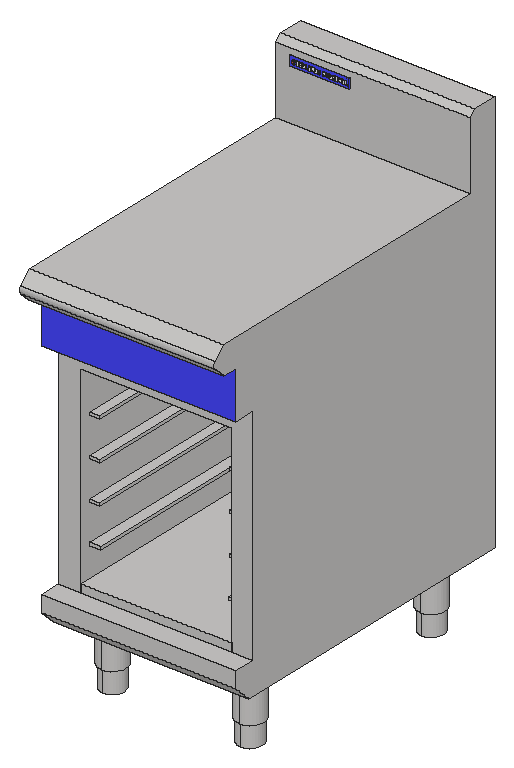
Revit family "QF_MOFFAT_BLUESEAL_CE_B45-CB", category Specialty Equipment, Revit 2012
Parameters
  Weight in Pounds = 114  # constant formula
  Width [instance] = 450.00 mm  # constant formula
  URL Cutsheet = "www.moffat.com"
  URL = "www.moffat.com"
  Type Mark [instance] = ""
  Status [instance] = ""
  Specification by User [instance] = ""
  Specification by Manufacturer = ""
  Show Logo [instance] = yes
  Show Casters [instance] = no
  Serial Number = ""
  Seismic Rating = ""
  SMACNA No = ""
  Revision Code [instance] = ""
  Omniclass Number and Title = ""
  NAFEM Spec ID Number = ""
  Model = "B45-CB"
  Masterspec = ""
  Manufacturer = "MOFFAT BLUESEAL"
  Legs [instance] = not(Show Casters)  # yes
  Item Number [instance] = ""
  Installed By [instance] = ""
  Identify Quantity as Lot [instance] = yes
  Height = 1085.00 mm  # constant formula
  Furnished By [instance] = ""
  Foodservice Equipment Identifier [instance] = yes
  Description = "450MM BENCH TOP ON CABINET BASE"
  Depth [instance] = 812.00 mm  # constant formula
  CSI MasterFormat = ""
  CSI Master Format = ""
  Back Splash [instance] = 57.00 mm  # constant formula
Reference planes
  plane 1 "BACK": y = 0
  plane 2: z = 0
  plane 3 "LEFT": x = 0
  plane 4 "RIGHT": x = 450
  plane 5 "FRONT": y = -812
  plane 6 "TOP": z = 972
  plane 7 "Center Y": x = 225
  plane 8 "Center X": y = -406
  plane 9 "Base Height": z = 150
  plane 10: z = 915
  plane 11: x = 65
  plane 12: x = 384
  plane 13: y = -625
  plane 14: y = -100
  plane 15: z = 1085
Forms (mm)
  Extrusion 1, solid, material "QF_Finishes_Stainless Steel"
    sketch origin (0, 0, 0) x (0, 1, 0) y (0, 0, 1)
      loop
        line (-70, 222.5) -> (-749, 222.5) -> (-749, 186) -> (-713, 150) -> (0, 150) -> (0, 1085.5) -> (-57, 1085.5) -> (-70, 1072.5) -> (-70, 915) -> (-783.97, 915) -> (-808.485, 890.485)
        arc (-808.485, 890.485) -> (-811.999, 882) -> (-808.485, 873.515) r 12
        line (-808.485, 873.515) -> (-784.97, 850) -> (-749, 850) -> (-749, 740) -> (-699, 740) -> (-699, 687) -> (-70, 687) -> (-70, 222.5)
    from 0 to 450
  Revolve 2, solid, material "QF_Finishes_Stainless Steel"
    sketch origin (65, -728, 0) x (0, 1, 0) y (0, 0, 1)
      loop
        line (71.25, 150) -> (71.25, 50) -> (75.5, 50) -> (75.5, 0) -> (103, 0) -> (103, 150) -> (71.25, 150)
      axis (103, 150) -> (103, 0)
    angle from 0 to 360
  Revolve 3, solid, material "QF_Finishes_Stainless Steel"
    sketch origin (384, -728, 0) x (0, 1, 0) y (0, 0, -1)
      loop
        line (71.25, -150) -> (103, -150) -> (103, 0) -> (75.5, 0) -> (75.5, -50) -> (71.25, -50) -> (71.25, -150)
      axis (103, -150) -> (103, 0)
    angle from 0 to 360
  Extrusion 4, solid, material "QF_Finishes_Stainless Steel"
    sketch origin (0, -70, 1085.255) x (0, 0, -1) y (1, 0, 0)
      loop
        line (862.755, 50) -> (398.255, 50) -> (398.255, 0) -> (862.755, 0) -> (862.755, 50)
      loop
        line (862.755, 400) -> (862.755, 450) -> (398.255, 450) -> (398.255, 400) -> (862.755, 400)
    from 0 to 629
  Extrusion 5, solid, material "QF_Finishes_Stainless Steel"
    sketch origin (0, -70, 1085.255) x (0, 0, -1) y (1, 0, 0)
      loop
        line (684.568, 50) -> (684.568, 75) -> (678.218, 75) -> (678.218, 50) -> (684.568, 50)
      loop
        line (588.218, 75) -> (588.218, 50) -> (594.568, 50) -> (594.568, 75) -> (588.218, 75)
      loop
        line (774.568, 52.455) -> (774.568, 77.455) -> (768.218, 77.455) -> (768.218, 52.455) -> (774.568, 52.455)
      loop
        line (498.218, 75) -> (498.218, 50) -> (504.568, 50) -> (504.568, 75) -> (498.218, 75)
      loop
        line (684.568, 400) -> (678.218, 400) -> (678.218, 375) -> (684.568, 375) -> (684.568, 400)
      loop
        line (588.218, 375) -> (594.568, 375) -> (594.568, 400) -> (588.218, 400) -> (588.218, 375)
      loop
        line (774.568, 397.545) -> (768.218, 397.545) -> (768.218, 372.545) -> (774.568, 372.545) -> (774.568, 397.545)
      loop
        line (498.218, 375) -> (504.568, 375) -> (504.568, 400) -> (498.218, 400) -> (498.218, 375)
    from 0 to 604
  Revolve 6, solid, material "QF_Finishes_Stainless Steel", visible <- "Show Casters"
    sketch origin (15.776, -99.755, -13.653) x (1, 0, 0) y (0, 0, 1)
      loop
        line (14.841, 63.604) -> (83.584, 63.604) -> (83.584, 67.109) -> (82.314, 68.379) -> (80.79, 68.379) -> (80.79, 71.826) -> (68.644, 71.826) -> (68.644, 81.79) -> (65.088, 83.843) -> (63.738, 92.179) -> (65.881, 92.179) -> (65.881, 98.529) -> (65.088, 98.529) -> (65.088, 104.879)
        arc (65.088, 104.879) -> (62.298, 111.614) -> (55.563, 114.404) r 9.525
        line (55.563, 114.404) -> (42.863, 114.404)
        arc (42.863, 114.404) -> (36.127, 111.614) -> (33.338, 104.879) r 9.525
        line (33.338, 104.879) -> (33.338, 98.529) -> (32.544, 98.529) -> (32.544, 92.179) -> (34.687, 92.179) -> (33.352, 83.932) -> (29.782, 81.871) -> (29.782, 71.826) -> (17.635, 71.826) -> (17.635, 68.379) -> (16.111, 68.379) -> (14.841, 67.109) -> (14.841, 63.604)
      axis (14.841, 63.604) -> (83.584, 63.604)
    angle from 0 to 360
  Extrusion 7, solid, material "QF_Finishes_Stainless Steel", visible <- "Show Casters"
    sketch origin (71.501, 133.353, -8.783) x (0, 1, 0) y (0, 0, 1)
      loop
        line (-201.603, 118.783) -> (-265.103, 118.783) -> (-252.746, 53.895)
        arc (-252.746, 53.895) -> (-233.353, 38.783) -> (-213.959, 53.895) r 20
        line (-213.959, 53.895) -> (-201.603, 118.783)
    from -35.667 to 22.923
  Revolve 8, solid, material "QF_Finishes_Stainless Steel", visible <- "Show Casters"
    sketch origin (65, -203, 0) x (0, 1, 0) y (0, 0, 1)
      loop
        line (67.25, 150) -> (67.25, 110) -> (103, 110) -> (103, 150) -> (67.25, 150)
      axis (103, 150) -> (103, 110)
    angle from 0 to 360
  Revolve 9, solid, material "QF_Finishes_Stainless Steel", visible <- "Show Casters"
    sketch origin (384, -203, 0) x (0, 1, 0) y (0, 0, -1)
      loop
        line (67.25, -150) -> (103, -150) -> (103, -110) -> (67.25, -110) -> (67.25, -150)
      axis (103, -150) -> (103, -110)
    angle from 0 to 360
  Revolve 10, solid, material "QF_Finishes_Stainless Steel", visible <- "Show Casters"
    sketch origin (334.776, -99.755, -13.653) x (1, 0, 0) y (0, 0, 1)
      loop
        line (14.841, 63.604) -> (83.584, 63.604) -> (83.584, 67.109) -> (82.314, 68.379) -> (80.79, 68.379) -> (80.79, 71.826) -> (68.644, 71.826) -> (68.644, 81.79) -> (65.088, 83.843) -> (63.738, 92.179) -> (65.881, 92.179) -> (65.881, 98.529) -> (65.088, 98.529) -> (65.088, 104.879)
        arc (65.088, 104.879) -> (62.298, 111.614) -> (55.563, 114.404) r 9.525
        line (55.563, 114.404) -> (42.863, 114.404)
        arc (42.863, 114.404) -> (36.127, 111.614) -> (33.338, 104.879) r 9.525
        line (33.338, 104.879) -> (33.338, 98.529) -> (32.544, 98.529) -> (32.544, 92.179) -> (34.687, 92.179) -> (33.352, 83.932) -> (29.782, 81.871) -> (29.782, 71.826) -> (17.635, 71.826) -> (17.635, 68.379) -> (16.111, 68.379) -> (14.841, 67.109) -> (14.841, 63.604)
      axis (14.841, 63.604) -> (83.584, 63.604)
    angle from 0 to 360
  Extrusion 11, solid, material "QF_Finishes_Stainless Steel", visible <- "Show Casters"
    sketch origin (390.501, 133.353, -8.783) x (0, 1, 0) y (0, 0, 1)
      loop
        line (-201.603, 118.783) -> (-265.103, 118.783) -> (-252.746, 53.895)
        arc (-252.746, 53.895) -> (-233.353, 38.783) -> (-213.959, 53.895) r 20
        line (-213.959, 53.895) -> (-201.603, 118.783)
    from -35.667 to 22.923
  Revolve 12, solid, material "QF_Finishes_Stainless Steel", visible <- "Legs"
    sketch origin (65, -165, 0) x (0, 1, 0) y (0, 0, 1)
      loop
        line (33.25, 150) -> (33.25, 50) -> (37.5, 50) -> (37.5, 0) -> (65, 0) -> (65, 150) -> (33.25, 150)
      axis (65, 150) -> (65, 0)
    angle from 0 to 360
  Revolve 13, solid, material "QF_Finishes_Stainless Steel", visible <- "Legs"
    sketch origin (384, -165, 0) x (0, 1, 0) y (0, 0, -1)
      loop
        line (33.25, -150) -> (65, -150) -> (65, 0) -> (37.5, 0) -> (37.5, -50) -> (33.25, -50) -> (33.25, -150)
      axis (65, -150) -> (65, 0)
    angle from 0 to 360
  Extrusion 14, solid, material "QF_Finishes_Stainless Steel"
    sketch origin (0, -70, 1085.255) x (0, 0, -1) y (1, 0, 0)
      loop
        line (862.755, 50) -> (862.755, 400) -> (843.255, 400) -> (843.255, 50) -> (862.755, 50)
    from 0 to 629
Cuts and joins
  joined: Extrusion 1, Extrusion 4
Lines and regions (mm)
  Split face 1
    outline origin (450, 0, 1085.5) x (-1, 0, 0) y (0, -1, 0)
      loop
        arc (342.206, 18.385) -> (350.866, 23.385) -> (350.866, 33.385) r 10
        line (350.866, 33.385) -> (346.824, 40.385)
        arc (346.824, 40.385) -> (343.164, 44.045) -> (338.164, 45.385) r 10
        line (338.164, 45.385) -> (110.206, 45.385)
        arc (110.206, 45.385) -> (101.545, 40.385) -> (101.545, 30.385) r 10
        line (101.545, 30.385) -> (105.587, 23.385)
        arc (105.587, 23.385) -> (109.247, 19.725) -> (114.247, 18.385) r 10
        line (114.247, 18.385) -> (342.206, 18.385)
  symbolic lines
    curve 1: line (0, 0, 0) -> (0, -812, 0)
    curve 2: line (450, 0, 0) -> (0, 0, 0)
    curve 3: line (450, -812, 0) -> (450, 0, 0)
    curve 4: line (0, -70, 0) -> (450, -70, 0)
    curve 5: line (0, -812, 0) -> (450, -812, 0)
    curve 14: line (111.836, -45.385, 0) -> (339.794, -45.385, 0)
    curve 15: arc (339.794, -45.385, 0) -> (348.455, -40.385, 0) -> (348.455, -30.385, 0) r 10
    curve 16: line (348.455, -30.385, 0) -> (344.413, -23.385, 0)
    curve 17: arc (344.413, -23.385, 0) -> (340.753, -19.725, 0) -> (335.753, -18.385, 0) r 10
    curve 18: line (335.753, -18.385, 0) -> (107.794, -18.385, 0)
    curve 19: arc (107.794, -18.385, 0) -> (99.134, -23.385, 0) -> (99.134, -33.385, 0) r 10
    curve 20: line (99.134, -33.385, 0) -> (103.176, -40.385, 0)
    curve 21: arc (103.176, -40.385, 0) -> (106.836, -44.045, 0) -> (111.836, -45.385, 0) r 10
  symbolic lines, style "SpecialityEquipmentHiddenLines", visible <- "Show Casters"
    curve 6: line (78.456, -47.735, 0) -> (105.952, -63.61, 0)
    curve 7: line (27.656, -135.723, 0) -> (78.456, -47.735, 0)
    curve 8: line (55.152, -151.598, 0) -> (27.656, -135.723, 0)
    curve 9: line (105.952, -63.61, 0) -> (55.152, -151.598, 0)
    curve 10: line (390.793, -47.151, 0) -> (418.289, -63.026, 0)
    curve 11: line (339.993, -135.139, 0) -> (390.793, -47.151, 0)
    curve 12: line (367.489, -151.014, 0) -> (339.993, -135.139, 0)
    curve 13: line (418.289, -63.026, 0) -> (367.489, -151.014, 0)
Dimensions and locks
  equal spacing: plane 3 "LEFT", plane 7 "Center Y", plane 4 "RIGHT"
  "Width": plane 3 "LEFT" to plane 4 "RIGHT"
  equal spacing: plane 5 "FRONT", plane 8 "Center X", plane 1 "BACK"
  "Depth": plane 5 "FRONT" to plane 1 "BACK"
  locked: plane 10 to level at 915
  locked: plane 9 "Base Height" to level at 150
  plane 6 "TOP" to plane 10 = 57.00 mm
  plane 13 to plane 14 = 525.00 mm
  plane 12 to plane 11 = 319.00 mm
  "Height": plane 15 to level
  cut or joined group of Extrusion 1, Extrusion 4 to level = 915.00 mm
  Extrusion 1 sketch curve to level = 915.00 mm
  Revolve 6 sketch curve to Revolve 6 sketch curve = 50.80 mm
  Revolve 10 sketch curve to Revolve 10 sketch curve = 50.80 mm
  aligned and locked: level to plane 2
Automatic sketch dimensions
  Extrusion 1 sketch curve to plane 9 "Base Height" = 0.00 mm
  Extrusion 1 sketch curve to plane 1 "BACK" = 0.00 mm
  plane 15 to Extrusion 1 sketch curve = 0.50 mm
  plane 14 to Extrusion 1 sketch curve = 43.00 mm
  plane 14 to Extrusion 1 sketch curve = 30.00 mm  (x2)
  Extrusion 1 sketch curve to plane 13 = 74.00 mm
  Extrusion 1 sketch curve to plane 13 = 88.00 mm
  Extrusion 1 sketch curve to plane 5 "FRONT" = 63.00 mm  (x2)
  Extrusion 1 sketch curve to plane 5 "FRONT" = 28.03 mm
  Extrusion 1 sketch curve to plane 5 "FRONT" = 27.03 mm
  Extrusion 1 sketch curve to plane 5 "FRONT" = 12.001 mm
  Extrusion 1 sketch curve to plane 5 "FRONT" = 3.515 mm  (x2)
  plane 9 "Base Height" to Extrusion 1 sketch curve = 36.00 mm
  plane 9 "Base Height" to Extrusion 1 sketch curve = 72.50 mm
  Extrusion 1 sketch curve to plane 10 = 228.00 mm
  Extrusion 1 sketch curve to Extrusion 1 sketch curve = 53.00 mm
  Extrusion 1 sketch curve to plane 10 = 65.00 mm
  Extrusion 1 sketch curve to Extrusion 1 sketch curve = 23.515 mm
  Extrusion 1 sketch curve to Extrusion 1 sketch curve = 8.485 mm
  Extrusion 1 sketch curve to plane 15 = 12.50 mm
  Revolve 2 sketch curve to plane 9 "Base Height" = 0.00 mm
  Revolve 2 sketch curve to level = 0.00 mm
  Revolve 2 sketch curve to plane 13 = 0.00 mm  (x2)
  Revolve 2 sketch curve to plane 13 = 27.50 mm
  Revolve 2 sketch curve to plane 13 = 31.75 mm
  Revolve 2 sketch curve to Revolve 2 sketch curve = 55.00 mm
  level to Revolve 2 sketch curve = 50.00 mm
  Revolve 2 sketch curve to Revolve 2 sketch curve = 0.00 mm
  Revolve 3 sketch curve to plane 9 "Base Height" = 0.00 mm
  Revolve 3 sketch curve to level = 0.00 mm
  Revolve 3 sketch curve to plane 13 = 0.00 mm  (x2)
  Revolve 3 sketch curve to plane 13 = 27.50 mm
  Revolve 3 sketch curve to plane 13 = 31.75 mm
  level to Revolve 3 sketch curve = 50.00 mm
  Revolve 3 sketch curve to Revolve 3 sketch curve = 0.00 mm
  Revolve 3 sketch curve to Revolve 3 sketch curve = 55.00 mm
  Extrusion 4 sketch curve to Extrusion 1 = 0.00 mm  (x6)
  Extrusion 1 to Extrusion 4 sketch curve = 50.00 mm  (x2)
  Extrusion 5 sketch curve to plane 12 = 16.00 mm  (x3)
  Extrusion 5 sketch curve to plane 10 = 327.963 mm
  plane 11 to Extrusion 5 sketch curve = 10.00 mm  (x3)
  Extrusion 5 sketch curve to Extrusion 5 sketch curve = 0.00 mm
  Extrusion 5 sketch curve to Extrusion 5 sketch curve = 6.35 mm  (x8)
  Extrusion 5 sketch curve to Extrusion 5 sketch curve = 83.65 mm  (x6)
  plane 12 to Extrusion 5 sketch curve = 9.00 mm  (x3)
  plane 11 to Extrusion 5 sketch curve = 12.455 mm
  Extrusion 5 sketch curve to plane 12 = 13.545 mm
  Extrusion 5 sketch curve to plane 11 = 12.545 mm
  Extrusion 5 sketch curve to plane 11 = 15.00 mm  (x3)
  plane 12 to Extrusion 5 sketch curve = 11.455 mm
  plane 3 "LEFT" to Revolve 6 sketch curve = 30.618 mm
  Revolve 6 sketch curve to Revolve 6 sketch curve = 1.27 mm  (x4)
  Revolve 6 sketch curve to Revolve 6 sketch curve = 1.524 mm  (x2)
  Revolve 6 sketch curve to Revolve 6 sketch curve = 12.146 mm  (x2)
  Revolve 6 sketch curve to plane 11 = 16.68 mm
  Revolve 6 sketch curve to Revolve 6 sketch curve = 0.794 mm  (x2)
  Revolve 6 sketch curve to Revolve 6 sketch curve = 3.57 mm
  Revolve 6 sketch curve to Revolve 6 sketch curve = 2.143 mm
  Revolve 6 sketch curve to plane 11 = 6.361 mm
  plane 11 to Revolve 6 sketch curve = 5.13 mm
  plane 11 to Revolve 6 sketch curve = 6.339 mm
  plane 11 to Revolve 6 sketch curve = 14.515 mm
  Revolve 6 sketch curve to Revolve 6 sketch curve = 1.349 mm  (x2)
  Revolve 6 sketch curve to Revolve 6 sketch curve = 3.556 mm
  Revolve 6 sketch curve to Revolve 6 sketch curve = 33.32 mm
  level to Revolve 6 sketch curve = 49.952 mm
  Revolve 6 sketch curve to Revolve 6 sketch curve = 0.00 mm
  Revolve 6 sketch curve to Revolve 6 sketch curve = 3.505 mm  (x2)
  Revolve 6 sketch curve to Revolve 6 sketch curve = 3.447 mm  (x2)
  Revolve 6 sketch curve to Revolve 6 sketch curve = 9.964 mm
  Revolve 6 sketch curve to Revolve 6 sketch curve = 10.045 mm
  Revolve 6 sketch curve to Revolve 6 sketch curve = 2.053 mm
  Revolve 6 sketch curve to Revolve 6 sketch curve = 2.061 mm
  Revolve 6 sketch curve to Revolve 6 sketch curve = 8.247 mm
  Revolve 6 sketch curve to Revolve 6 sketch curve = 8.336 mm
  Revolve 6 sketch curve to Revolve 6 sketch curve = 6.35 mm  (x2)
  Extrusion 7 sketch curve to plane 14 = 0.00 mm
  Extrusion 7 sketch curve to plane 14 = 19.393 mm
  Extrusion 7 sketch curve to plane 14 = 31.75 mm
  plane 14 to Extrusion 7 sketch curve = 19.393 mm
  plane 14 to Extrusion 7 sketch curve = 31.75 mm
  level to Extrusion 7 sketch curve = 45.111 mm
  Extrusion 7 sketch curve to Extrusion 7 sketch curve = 4.889 mm
  Extrusion 7 sketch curve to plane 9 "Base Height" = 40.00 mm
  Revolve 8 sketch curve to plane 9 "Base Height" = 0.00 mm
  Revolve 8 sketch curve to plane 14 = 0.00 mm  (x2)
  Revolve 8 sketch curve to plane 14 = 35.75 mm
  Revolve 8 sketch curve to Revolve 8 sketch curve = 40.00 mm
  level to Revolve 8 sketch curve = 50.00 mm
  Revolve 8 sketch curve to level = 55.00 mm
  Revolve 9 sketch curve to plane 9 "Base Height" = 0.00 mm
  Revolve 9 sketch curve to plane 14 = 0.00 mm  (x2)
  Revolve 9 sketch curve to plane 14 = 35.75 mm
  Revolve 9 sketch curve to plane 9 "Base Height" = 40.00 mm
  level to Revolve 9 sketch curve = 50.00 mm
  Revolve 9 sketch curve to level = 55.00 mm
  plane 12 to Revolve 10 sketch curve = 34.382 mm
  Revolve 10 sketch curve to Revolve 10 sketch curve = 1.27 mm  (x4)
  Revolve 10 sketch curve to Revolve 10 sketch curve = 1.524 mm  (x2)
  Revolve 10 sketch curve to Revolve 10 sketch curve = 12.146 mm  (x2)
  plane 12 to Revolve 10 sketch curve = 16.68 mm
  Revolve 10 sketch curve to Revolve 10 sketch curve = 0.794 mm  (x2)
  Revolve 10 sketch curve to Revolve 10 sketch curve = 3.57 mm
  Revolve 10 sketch curve to Revolve 10 sketch curve = 2.143 mm
  plane 12 to Revolve 10 sketch curve = 6.361 mm
  Revolve 10 sketch curve to plane 12 = 5.13 mm
  Revolve 10 sketch curve to plane 12 = 6.339 mm
  Revolve 10 sketch curve to plane 12 = 14.515 mm
  Revolve 10 sketch curve to Revolve 10 sketch curve = 1.349 mm  (x2)
  Revolve 10 sketch curve to Revolve 10 sketch curve = 3.556 mm
  Revolve 10 sketch curve to plane 4 "RIGHT" = 1.68 mm
  level to Revolve 10 sketch curve = 49.952 mm
  Revolve 10 sketch curve to Revolve 10 sketch curve = 0.00 mm
  Revolve 10 sketch curve to Revolve 10 sketch curve = 3.505 mm  (x2)
  Revolve 10 sketch curve to Revolve 10 sketch curve = 3.447 mm  (x2)
  Revolve 10 sketch curve to Revolve 10 sketch curve = 9.964 mm
  Revolve 10 sketch curve to Revolve 10 sketch curve = 10.045 mm
  Revolve 10 sketch curve to Revolve 10 sketch curve = 2.053 mm
  Revolve 10 sketch curve to Revolve 10 sketch curve = 2.061 mm
  Revolve 10 sketch curve to Revolve 10 sketch curve = 8.247 mm
  Revolve 10 sketch curve to Revolve 10 sketch curve = 8.336 mm
  Revolve 10 sketch curve to Revolve 10 sketch curve = 6.35 mm  (x2)
  Extrusion 11 sketch curve to plane 14 = 0.00 mm
  Extrusion 11 sketch curve to plane 14 = 19.393 mm
  Extrusion 11 sketch curve to plane 14 = 31.75 mm
  plane 14 to Extrusion 11 sketch curve = 19.393 mm
  plane 14 to Extrusion 11 sketch curve = 31.75 mm
  level to Extrusion 11 sketch curve = 45.111 mm
  Extrusion 11 sketch curve to Extrusion 11 sketch curve = 4.889 mm
  Extrusion 11 sketch curve to plane 9 "Base Height" = 40.00 mm
  Revolve 12 sketch curve to plane 9 "Base Height" = 0.00 mm
  Revolve 12 sketch curve to level = 0.00 mm
  Revolve 12 sketch curve to plane 14 = 0.00 mm  (x2)
  Revolve 12 sketch curve to Revolve 12 sketch curve = 27.50 mm
  Revolve 12 sketch curve to Revolve 12 sketch curve = 31.75 mm
  Revolve 12 sketch curve to level = 55.00 mm
  Revolve 12 sketch curve to Revolve 12 sketch curve = 50.00 mm
  Revolve 12 sketch curve to Revolve 12 sketch curve = 0.00 mm
  Revolve 13 sketch curve to plane 9 "Base Height" = 0.00 mm
  Revolve 13 sketch curve to level = 0.00 mm
  Revolve 13 sketch curve to plane 14 = 0.00 mm  (x2)
  Revolve 13 sketch curve to Revolve 13 sketch curve = 27.50 mm
  Revolve 13 sketch curve to Revolve 13 sketch curve = 31.75 mm
  level to Revolve 13 sketch curve = 50.00 mm
  Revolve 13 sketch curve to Revolve 13 sketch curve = 0.00 mm
  Revolve 13 sketch curve to Revolve 13 sketch curve = 55.00 mm
  Extrusion 14 sketch curve to Extrusion 1 = 0.00 mm
  Extrusion 1 to Extrusion 14 sketch curve = 19.50 mm
  Extrusion 1 to Extrusion 14 sketch curve = 50.00 mm  (x2)
  plane 1 "BACK" to curve 1 = 0.00 mm
  curve 1 to plane 3 "LEFT" = 0.00 mm
  curve 3 to plane 4 "RIGHT" = 0.00 mm
  plane 5 "FRONT" to curve 1 = 0.00 mm
  plane 3 "LEFT" to curve 8 = 27.656 mm
  curve 9 to plane 11 = 9.848 mm
  plane 11 to curve 6 = 13.456 mm
  plane 12 to curve 12 = 16.511 mm
  curve 10 to plane 12 = 6.793 mm
  plane 4 "RIGHT" to curve 10 = 31.711 mm
  curve 9 to plane 14 = 51.598 mm
  curve 8 to curve 7 = 15.875 mm
  curve 12 to curve 12 = 15.875 mm
  plane 14 to curve 4 = 30.00 mm
  curve 4 to curve 13 = 6.974 mm
  Split face 1 sketch curve to cut or joined group of Extrusion 1, Extrusion 4 = 26.615 mm
  Split face 1 sketch curve to cut or joined group of Extrusion 1, Extrusion 4 = 101.545 mm
  Split face 1 sketch curve to Split face 1 sketch curve = 4.041 mm  (x4)
  Split face 1 sketch curve to Split face 1 sketch curve = 8.66 mm  (x2)
  Split face 1 sketch curve to cut or joined group of Extrusion 1, Extrusion 4 = 11.615 mm
  Split face 1 sketch curve to cut or joined group of Extrusion 1, Extrusion 4 = 111.836 mm
  Split face 1 sketch curve to Split face 1 sketch curve = 7.00 mm  (x3)
  Split face 1 sketch curve to Split face 1 sketch curve = 17.00 mm
  curve 6 to curve 19 = 20.678 mm
  curve 20 to curve 20 = 4.041 mm
  curve 19 to curve 19 = 8.66 mm
  curve 19 to curve 21 = 4.041 mm
  plane 1 "BACK" to curve 17 = 18.385 mm
  plane 12 to curve 17 = 48.247 mm
  curve 17 to curve 15 = 4.041 mm  (x2)
  curve 17 to curve 17 = 8.66 mm
  curve 6 to curve 21 = 18.225 mm
  curve 14 to curve 20 = 5.00 mm
  curve 14 to curve 15 = 10.00 mm
  curve 21 to curve 20 = 7.00 mm
  curve 15 to curve 17 = 7.00 mm
Nested families
  nested 1: "WALDORF LOGO_FACE BASE" at (32.128, -70, 1056.422) x (1, 0, 0) z (0, -1, 0), visible <- "Show Logo", type "WALDORF LOGO_FACE BASE", detail levels medium+fine
    with Show Logo yes
Definition of nested family "WALDORF LOGO_FACE BASE"
  Parameters (values of type "WALDORF LOGO_FACE BASE")
    Show Logo [instance] = yes
    Default Elevation = 1219.20 mm
  Reference planes
    plane 1 "Center (Front/Back)": y = 0
    plane 2: z = 0
    plane 3 "Center (Left/Right)": x = 0
  Forms (mm)
    Extrusion 1, solid
      sketch origin (0, 0, 0) x (1, 0, 0) y (0, 1, 0)
        loop
          line (-1219.2, 1219.2) -> (-1219.2, -1219.2) -> (1219.2, -1219.2) -> (1219.2, 1219.2) -> (-1219.2, 1219.2)
      from 0 to -304.8
    Extrusion 2, solid, material "QF_Finishes_Blue", visible <- "Show Logo"
      sketch origin (0, -33.217, 0) x (1, 0, 0) y (0, 1, 0)
        loop
          arc (138, 31.942) -> (137.626, 32.844) -> (136.724, 33.217) r 1.276
          line (136.724, 33.217) -> (1.29, 33.217)
          arc (1.29, 33.217) -> (0.378, 32.839) -> (0, 31.927) r 1.29
          line (0, 31.927) -> (0, 11.507)
          arc (0, 11.507) -> (0.378, 10.595) -> (1.29, 10.217) r 1.29
          line (1.29, 10.217) -> (136.71, 10.217)
          arc (136.71, 10.217) -> (137.622, 10.595) -> (138, 11.507) r 1.29
          line (138, 11.507) -> (138, 31.942)
      from 0 to 1.588
    Extrusion 3, solid, material "QF_Finishes_White", visible <- "Show Logo"
      sketch origin (0, -33.217, 1.588) x (1, 0, 0) y (0, 1, 0)
        loop
          arc (108.946, 25.919) -> (107.613, 25.367) -> (107.061, 24.034) r 1.885
          line (107.061, 24.034) -> (107.061, 17.211) -> (112.704, 17.211) -> (112.704, 19.129) -> (115.546, 19.129) -> (115.546, 17.211) -> (121.584, 17.211) -> (121.584, 24.075)
          arc (121.584, 24.075) -> (121.043, 25.379) -> (119.739, 25.919) r 1.845
          line (119.739, 25.919) -> (108.946, 25.919)
        loop
          line (123.478, 25.919) -> (123.478, 17.163) -> (134.904, 17.163) -> (134.904, 19.129) -> (129.246, 19.129) -> (129.246, 25.919) -> (123.478, 25.919)
        loop
          line (112.704, 21.258) -> (115.546, 21.258) -> (115.546, 22.702)
          arc (115.546, 22.702) -> (115.344, 23.188) -> (114.858, 23.389) r 0.687
          line (114.858, 23.389) -> (113.363, 23.389)
          arc (113.363, 23.389) -> (112.897, 23.196) -> (112.704, 22.73) r 0.658
          line (112.704, 22.73) -> (112.704, 21.258)
        loop
          line (105.071, 25.919) -> (93.771, 25.919) -> (93.771, 17.163) -> (105.071, 17.163) -> (105.071, 19.063) -> (99.535, 19.063) -> (99.535, 20.437) -> (105.071, 20.437) -> (105.071, 22.278) -> (99.535, 22.278) -> (99.535, 23.587) -> (105.071, 23.587) -> (105.071, 25.919)
        loop
          line (91.104, 25.919) -> (79.541, 25.919)
          arc (79.541, 25.919) -> (78.558, 25.513) -> (78.152, 24.53) r 1.389
          line (78.152, 24.53) -> (78.152, 22.08)
          arc (78.152, 22.08) -> (78.558, 21.098) -> (79.541, 20.691) r 1.389
          line (79.541, 20.691) -> (86.346, 20.691) -> (86.346, 18.864) -> (83.266, 18.864) -> (83.266, 19.664) -> (78.152, 19.664) -> (78.152, 18.553)
          arc (78.152, 18.553) -> (78.558, 17.57) -> (79.541, 17.163) r 1.389
          line (79.541, 17.163) -> (91.063, 17.163)
          arc (91.063, 17.163) -> (92.045, 17.57) -> (92.452, 18.553) r 1.389
          line (92.452, 18.553) -> (92.452, 20.691)
          arc (92.452, 20.691) -> (92.045, 21.673) -> (91.063, 22.08) r 1.389
          line (91.063, 22.08) -> (83.266, 22.08) -> (83.266, 23.984) -> (86.346, 23.984) -> (86.346, 22.743) -> (92.452, 22.743) -> (92.452, 24.571)
          arc (92.452, 24.571) -> (92.057, 25.524) -> (91.104, 25.919) r 1.348
        loop
          line (70.705, 25.919) -> (59.405, 25.919) -> (59.405, 17.163) -> (70.705, 17.163) -> (70.705, 19.063) -> (65.169, 19.063) -> (65.169, 20.437) -> (70.705, 20.437) -> (70.705, 22.278) -> (65.169, 22.278) -> (65.169, 23.587) -> (70.705, 23.587) -> (70.705, 25.919)
        loop
          line (57.598, 25.919) -> (51.7, 25.919) -> (51.7, 20.18)
          arc (51.7, 20.18) -> (50.63, 19.11) -> (49.56, 20.18) r 1.07
          line (49.56, 20.18) -> (49.56, 25.919) -> (43.663, 25.919) -> (43.663, 19.049)
          arc (43.663, 19.049) -> (44.215, 17.716) -> (45.548, 17.163) r 1.885
          line (45.548, 17.163) -> (55.71, 17.163)
          arc (55.71, 17.163) -> (57.045, 17.716) -> (57.598, 19.051) r 1.887
          line (57.598, 19.051) -> (57.598, 25.919)
        loop
          line (31.62, 25.919) -> (31.62, 17.163) -> (43.046, 17.163) -> (43.046, 19.129) -> (37.388, 19.129) -> (37.388, 25.919) -> (31.62, 25.919)
        loop
          line (15.969, 25.919) -> (15.969, 17.163) -> (28.693, 17.163)
          arc (28.693, 17.163) -> (29.812, 17.627) -> (30.276, 18.746) r 1.582
          line (30.276, 18.746) -> (30.276, 20.447) -> (29.48, 21.243) -> (30.276, 22.039) -> (30.276, 24.332)
          arc (30.276, 24.332) -> (29.811, 25.454) -> (28.688, 25.919) r 1.587
          line (28.688, 25.919) -> (15.969, 25.919)
        loop
          line (21.449, 24.159) -> (21.449, 22.436) -> (23.862, 22.436)
          arc (23.862, 22.436) -> (24.723, 23.298) -> (23.862, 24.159) r 0.861
          line (23.862, 24.159) -> (21.449, 24.159)
        loop
          line (21.449, 20.244) -> (21.449, 18.522) -> (23.862, 18.522)
          arc (23.862, 18.522) -> (24.723, 19.383) -> (23.862, 20.244) r 0.861
          line (23.862, 20.244) -> (21.449, 20.244)
      from 0 to 0.2
    Extrusion 4, solid, material "QF_Finishes_Blue", visible <- "Show Logo"
      sketch origin (-126.498, -31.09, 1.588) x (1, 0, 0) y (0, 1, 0)
        loop
          line (136.738, 23.522) -> (136.738, 15.1)
          arc (136.738, 15.1) -> (140.756, 19.311) -> (136.738, 23.522) r 4.216
      from 0 to 0.2
    Extrusion 5, solid, material "QF_Finishes_Red", visible <- "Show Logo"
      sketch origin (146.849, -31.09, 1.588) x (-1, 0, 0) y (0, -1, 0)
        loop
          arc (136.738, -23.522) -> (140.756, -19.311) -> (136.738, -15.1) r 4.216
          line (136.738, -15.1) -> (136.738, -23.522)
      from 0 to 0.2
  Lines and regions (mm)
    Split face 1
      outline origin (-90.35, -30.793, 1.588) x (1, 0, 0) y (0, 1, 0)
        loop
          circle (100.54, 19.013) r 4.536
  Dimensions and locks
    aligned and locked: plane 2 to Extrusion 1
    aligned and locked: level to Extrusion 1
